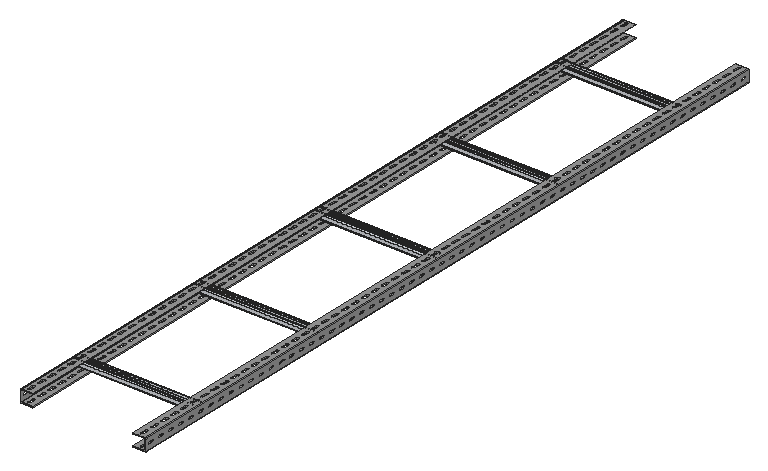
Revit family "steigeleiter__5_FT_FTSO_FTK_A2_A4.500rfa", category Generic Models, Revit 2017 (continued)
Dimensions and locks
  locked: Extrusion 312 sketch curve to Extrusion 312 sketch curve at 11
  locked: Extrusion 313 sketch curve to Extrusion 313 sketch curve at 11
  locked: Extrusion 314 sketch curve to Extrusion 314 sketch curve at 11
  locked: Extrusion 315 sketch curve to Extrusion 315 sketch curve at 11
  locked: Extrusion 316 sketch curve to Extrusion 316 sketch curve at 11
  locked: Extrusion 317 sketch curve to Extrusion 317 sketch curve at 11
  locked: Extrusion 318 sketch curve to Extrusion 318 sketch curve at 11
  locked: Extrusion 319 sketch curve to Extrusion 319 sketch curve at 11
  locked: Extrusion 320 sketch curve to Extrusion 320 sketch curve at 11
  locked: Extrusion 321 sketch curve to Extrusion 321 sketch curve at 11
  locked: Extrusion 322 sketch curve to Extrusion 322 sketch curve at 11
  locked: Extrusion 323 sketch curve to Extrusion 323 sketch curve at 11
  locked: Extrusion 324 sketch curve to Extrusion 324 sketch curve at 11
  locked: Extrusion 325 sketch curve to Extrusion 325 sketch curve at 11
  locked: Extrusion 326 sketch curve to Extrusion 326 sketch curve at 11
  locked: Extrusion 327 sketch curve to Extrusion 327 sketch curve at 11
  locked: Extrusion 328 sketch curve to Extrusion 328 sketch curve at 11
  locked: Extrusion 329 sketch curve to Extrusion 329 sketch curve at 11
  locked: Extrusion 330 sketch curve to Extrusion 330 sketch curve at 11
  locked: Extrusion 331 sketch curve to Extrusion 331 sketch curve at 11
  locked: Extrusion 332 sketch curve to Extrusion 332 sketch curve at 11
  locked: Extrusion 333 sketch curve to Extrusion 333 sketch curve at 11
  locked: Extrusion 334 sketch curve to Extrusion 334 sketch curve at 11
  locked: Extrusion 335 sketch curve to Extrusion 335 sketch curve at 11
  locked: Extrusion 336 sketch curve to Extrusion 336 sketch curve at 11
  locked: Extrusion 337 sketch curve to Extrusion 337 sketch curve at 11
  locked: Extrusion 338 sketch curve to Extrusion 338 sketch curve at 11
  locked: Extrusion 339 sketch curve to Extrusion 339 sketch curve at 11
  locked: Extrusion 340 sketch curve to Extrusion 340 sketch curve at 11
  locked: Extrusion 341 sketch curve to Extrusion 341 sketch curve at 11
  locked: Extrusion 342 sketch curve to Extrusion 342 sketch curve at 11
  locked: Extrusion 343 sketch curve to Extrusion 343 sketch curve at 11
  locked: Extrusion 344 sketch curve to Extrusion 344 sketch curve at 11
  locked: Extrusion 345 sketch curve to Extrusion 345 sketch curve at 11
  locked: Extrusion 346 sketch curve to Extrusion 346 sketch curve at 11
  locked: Extrusion 347 sketch curve to Extrusion 347 sketch curve at 11
  locked: Extrusion 348 sketch curve to Extrusion 348 sketch curve at 11
  locked: Extrusion 349 sketch curve to Extrusion 349 sketch curve at 11
  locked: Extrusion 350 sketch curve to Extrusion 350 sketch curve at 11
  locked: Extrusion 351 sketch curve to Extrusion 351 sketch curve at 11
  locked: Extrusion 352 sketch curve to Extrusion 352 sketch curve at 11
  locked: Extrusion 353 sketch curve to Extrusion 353 sketch curve at 11
  locked: Extrusion 354 sketch curve to Extrusion 354 sketch curve at 11
  locked: Extrusion 355 sketch curve to Extrusion 355 sketch curve at 11
  locked: Extrusion 356 sketch curve to Extrusion 356 sketch curve at 11
  locked: Extrusion 357 sketch curve to Extrusion 357 sketch curve at 11
  locked: Extrusion 358 sketch curve to Extrusion 358 sketch curve at 11
  locked: Extrusion 359 sketch curve to Extrusion 359 sketch curve at 11
  locked: Extrusion 360 sketch curve to Extrusion 360 sketch curve at 11
  locked: Extrusion 361 sketch curve to Extrusion 361 sketch curve at 11
  "Length 2": plane 1 "Center (Front/Back)" to plane 6
  locked: Extrusion 362 sketch curve to Extrusion 362 sketch curve at 2  (x5)
  locked: Extrusion 362 sketch curve to Extrusion 362 sketch curve at 3.5  (x2)
  locked: Extrusion 362 sketch curve to Extrusion 362 sketch curve at 18
  locked: Extrusion 363 sketch curve to Extrusion 363 sketch curve at 2  (x5)
  locked: Extrusion 363 sketch curve to Extrusion 363 sketch curve at 3.5  (x2)
  locked: Extrusion 363 sketch curve to Extrusion 363 sketch curve at 18
  equal spacing: group 361, group 362, group 363, group 364, group 365  (x3)
  locked: Extrusion 364 sketch curve to Extrusion 364 sketch curve at 2  (x5)
  locked: Extrusion 364 sketch curve to Extrusion 364 sketch curve at 3.5  (x2)
  locked: Extrusion 364 sketch curve to Extrusion 364 sketch curve at 18
  locked: Extrusion 365 sketch curve to Extrusion 365 sketch curve at 2  (x5)
  locked: Extrusion 365 sketch curve to Extrusion 365 sketch curve at 3.5  (x2)
  locked: Extrusion 365 sketch curve to Extrusion 365 sketch curve at 18
  locked: Extrusion 366 sketch curve to Extrusion 366 sketch curve at 2  (x5)
  locked: Extrusion 366 sketch curve to Extrusion 366 sketch curve at 3.5  (x2)
  locked: Extrusion 366 sketch curve to Extrusion 366 sketch curve at 18
  aligned and locked: level to plane 2
  aligned and locked: Extrusion 1 sketch curve to level
  aligned and locked: level to Extrusion 1 sketch curve
  aligned and locked: plane 5 to Extrusion 1
  aligned and locked: Extrusion 1 to level
  aligned and locked: Extrusion 1 to Extrusion 2  (x2)
  aligned and locked: Extrusion 1 to Extrusion 62  (x2)
  aligned and locked: Extrusion 122 to level
  aligned and locked: Extrusion 1 to Extrusion 122
  aligned and locked: Extrusion 182 to level
  aligned and locked: cut or joined group 1 (Extrusion 1, Extrusion 2, Extrusion 3, Extrusion 4, Extrusion 5, Extrusion 6, Extrusion 7, Extrusion 8, Extrusion 9, Extrusion 10, Extrusion 11, Extrusion 12, Extrusion 13, Extrusion 14, Extrusion 15, Extrusion 16, Extrusion 17, Extrusion 18, Extrusion 19, Extrusion 20, Extrusion 21, Extrusion 22, Extrusion 23, Extrusion 24, Extrusion 25, Extrusion 26, Extrusion 27, Extrusion 28, Extrusion 29, Extrusion 30, Extrusion 31, Extrusion 32, Extrusion 33, Extrusion 34, Extrusion 35, Extrusion 36, Extrusion 37, Extrusion 38, Extrusion 39, Extrusion 40, Extrusion 41, Extrusion 42, Extrusion 43, Extrusion 44, Extrusion 45, Extrusion 46, Extrusion 47, Extrusion 48, Extrusion 49, Extrusion 50, Extrusion 51, Extrusion 52, Extrusion 53, Extrusion 54, Extrusion 55, Extrusion 56, Extrusion 57, Extrusion 58, Extrusion 59, Extrusion 60, Extrusion 61, Extrusion 62, Extrusion 63, Extrusion 64, Extrusion 65, Extrusion 66, Extrusion 67, Extrusion 68, Extrusion 69, Extrusion 70, Extrusion 71, Extrusion 72, Extrusion 73, Extrusion 74, Extrusion 75, Extrusion 76, Extrusion 77, Extrusion 78, Extrusion 79, Extrusion 80, Extrusion 81, Extrusion 82, Extrusion 83, Extrusion 84, Extrusion 85, Extrusion 86, Extrusion 87, Extrusion 88, Extrusion 89, Extrusion 90, Extrusion 91, Extrusion 92, Extrusion 93, Extrusion 94, Extrusion 95, Extrusion 96, Extrusion 97, Extrusion 98, Extrusion 99, Extrusion 100, Extrusion 101, Extrusion 102, Extrusion 103, Extrusion 104, Extrusion 105, Extrusion 106, Extrusion 107, Extrusion 108, Extrusion 109, Extrusion 110, Extrusion 111, Extrusion 112, Extrusion 113, Extrusion 114, Extrusion 115, Extrusion 116, Extrusion 117, Extrusion 118, Extrusion 119, Extrusion 120, Extrusion 121, Extrusion 122, Extrusion 123, Extrusion 124, Extrusion 125, Extrusion 126, Extrusion 127, Extrusion 128, Extrusion 129, Extrusion 130, Extrusion 131, Extrusion 132, Extrusion 133, Extrusion 134, Extrusion 135, Extrusion 136, Extrusion 137, Extrusion 138, Extrusion 139, Extrusion 140, Extrusion 141, Extrusion 142, Extrusion 143, Extrusion 144, Extrusion 145, Extrusion 146, Extrusion 147, Extrusion 148, Extrusion 149, Extrusion 150, Extrusion 151, Extrusion 152, Extrusion 153, Extrusion 154, Extrusion 155, Extrusion 156, Extrusion 157, Extrusion 158, Extrusion 159, Extrusion 160, Extrusion 161, Extrusion 162, Extrusion 163, Extrusion 164, Extrusion 165, Extrusion 166, Extrusion 167, Extrusion 168, Extrusion 169, Extrusion 170, Extrusion 171, Extrusion 172, Extrusion 173, Extrusion 174, Extrusion 175, Extrusion 176, Extrusion 177, Extrusion 178, Extrusion 179, Extrusion 180, Extrusion 181, Extrusion 182, Extrusion 183, Extrusion 184, Extrusion 185, Extrusion 186, Extrusion 187, Extrusion 188, Extrusion 189, Extrusion 190, Extrusion 191, Extrusion 192, Extrusion 193, Extrusion 194, Extrusion 195, Extrusion 196, Extrusion 197, Extrusion 198, Extrusion 199, Extrusion 200, Extrusion 201, Extrusion 202, Extrusion 203, Extrusion 204, Extrusion 205, Extrusion 206, Extrusion 207, Extrusion 208, Extrusion 209, Extrusion 210, Extrusion 211, Extrusion 212, Extrusion 213, Extrusion 214, Extrusion 215, Extrusion 216, Extrusion 217, Extrusion 218, Extrusion 219, Extrusion 220, Extrusion 221, Extrusion 222, Extrusion 223, Extrusion 224, Extrusion 225, Extrusion 226, Extrusion 227, Extrusion 228, Extrusion 229, Extrusion 230, Extrusion 231, Extrusion 232, Extrusion 233, Extrusion 234, Extrusion 235, Extrusion 236, Extrusion 237, Extrusion 238, Extrusion 239, Extrusion 240, Extrusion 241, Extrusion 242, Extrusion 243, Extrusion 244, Extrusion 245, Extrusion 246, Extrusion 247, Extrusion 248, Extrusion 249, Extrusion 250, Extrusion 251, Extrusion 252, Extrusion 253, Extrusion 254, Extrusion 255, Extrusion 256, Extrusion 257, Extrusion 258, Extrusion 259, Extrusion 260, Extrusion 261, Extrusion 262, Extrusion 263, Extrusion 264, Extrusion 265, Extrusion 266, Extrusion 267, Extrusion 268, Extrusion 269, Extrusion 270, Extrusion 271, Extrusion 272, Extrusion 273, Extrusion 274, Extrusion 275, Extrusion 276, Extrusion 277, Extrusion 278, Extrusion 279, Extrusion 280, Extrusion 281, Extrusion 282, Extrusion 283, Extrusion 284, Extrusion 285, Extrusion 286, Extrusion 287, Extrusion 288, Extrusion 289, Extrusion 290, Extrusion 291, Extrusion 292, Extrusion 293, Extrusion 294, Extrusion 295, Extrusion 296, Extrusion 297, Extrusion 298, Extrusion 299, Extrusion 300, Extrusion 301, Extrusion 302, Extrusion 303, Extrusion 304, Extrusion 305, Extrusion 306, Extrusion 307, Extrusion 308, Extrusion 309, Extrusion 310, Extrusion 311, Extrusion 312, Extrusion 313, Extrusion 314, Extrusion 315, Extrusion 316, Extrusion 317, Extrusion 318, Extrusion 319, Extrusion 320, Extrusion 321, Extrusion 322, Extrusion 323, Extrusion 324, Extrusion 325, Extrusion 326, Extrusion 327, Extrusion 328, Extrusion 329, Extrusion 330, Extrusion 331, Extrusion 332, Extrusion 333, Extrusion 334, Extrusion 335, Extrusion 336, Extrusion 337, Extrusion 338, Extrusion 339, Extrusion 340, Extrusion 341, Extrusion 342, Extrusion 343, Extrusion 344, Extrusion 345, Extrusion 346, Extrusion 347, Extrusion 348, Extrusion 349, Extrusion 350, Extrusion 351, Extrusion 352, Extrusion 353, Extrusion 354, Extrusion 355, Extrusion 356, Extrusion 357, Extrusion 358, Extrusion 359, Extrusion 360, Extrusion 361) to cut or joined group of Extrusion 1, Extrusion 2, Extrusion 3, Extrusion 4, Extrusion 5, Extrusion 6, Extrusion 7, Extrusion 8, Extrusion 9, Extrusion 10, Extrusion 11, Extrusion 12, Extrusion 13, Extrusion 14, Extrusion 15, Extrusion 16, Extrusion 17, Extrusion 18, Extrusion 19, Extrusion 20, Extrusion 21, Extrusion 22, Extrusion 23, Extrusion 24, Extrusion 25, Extrusion 26, Extrusion 27, Extrusion 28, Extrusion 29, Extrusion 30, Extrusion 31, Extrusion 32, Extrusion 33, Extrusion 34, Extrusion 35, Extrusion 36, Extrusion 37, Extrusion 38, Extrusion 39, Extrusion 40, Extrusion 41, Extrusion 42, Extrusion 43, Extrusion 44, Extrusion 45, Extrusion 46, Extrusion 47, Extrusion 48, Extrusion 49, Extrusion 50, Extrusion 51, Extrusion 52, Extrusion 53, Extrusion 54, Extrusion 55, Extrusion 56, Extrusion 57, Extrusion 58, Extrusion 59, Extrusion 60, Extrusion 61, Extrusion 62, Extrusion 63, Extrusion 64, Extrusion 65, Extrusion 66, Extrusion 67, Extrusion 68, Extrusion 69, Extrusion 70, Extrusion 71, Extrusion 72, Extrusion 73, Extrusion 74, Extrusion 75, Extrusion 76, Extrusion 77, Extrusion 78, Extrusion 79, Extrusion 80, Extrusion 81, Extrusion 82, Extrusion 83, Extrusion 84, Extrusion 85, Extrusion 86, Extrusion 87, Extrusion 88, Extrusion 89, Extrusion 90, Extrusion 91, Extrusion 92, Extrusion 93, Extrusion 94, Extrusion 95, Extrusion 96, Extrusion 97, Extrusion 98, Extrusion 99, Extrusion 100, Extrusion 101, Extrusion 102, Extrusion 103, Extrusion 104, Extrusion 105, Extrusion 106, Extrusion 107, Extrusion 108, Extrusion 109, Extrusion 110, Extrusion 111, Extrusion 112, Extrusion 113, Extrusion 114, Extrusion 115, Extrusion 116, Extrusion 117, Extrusion 118, Extrusion 119, Extrusion 120, Extrusion 121, Extrusion 122, Extrusion 123, Extrusion 124, Extrusion 125, Extrusion 126, Extrusion 127, Extrusion 128, Extrusion 129, Extrusion 130, Extrusion 131, Extrusion 132, Extrusion 133, Extrusion 134, Extrusion 135, Extrusion 136, Extrusion 137, Extrusion 138, Extrusion 139, Extrusion 140, Extrusion 141, Extrusion 142, Extrusion 143, Extrusion 144, Extrusion 145, Extrusion 146, Extrusion 147, Extrusion 148, Extrusion 149, Extrusion 150, Extrusion 151, Extrusion 152, Extrusion 153, Extrusion 154, Extrusion 155, Extrusion 156, Extrusion 157, Extrusion 158, Extrusion 159, Extrusion 160, Extrusion 161, Extrusion 162, Extrusion 163, Extrusion 164, Extrusion 165, Extrusion 166, Extrusion 167, Extrusion 168, Extrusion 169, Extrusion 170, Extrusion 171, Extrusion 172, Extrusion 173, Extrusion 174, Extrusion 175, Extrusion 176, Extrusion 177, Extrusion 178, Extrusion 179, Extrusion 180, Extrusion 181, Extrusion 182, E
    xtrusion 183, Extrusion 184, Extrusion 185, Extrusion 186, Extrusion 187, Extrusion 188, Extrusion 189, Extrusion 190, Extrusion 191, Extrusion 192, Extrusion 193, Extrusion 194, Extrusion 195, Extrusion 196, Extrusion 197, Extrusion 198, Extrusion 199, Extrusion 200, Extrusion 201, Extrusion 202, Extrusion 203, Extrusion 204, Extrusion 205, Extrusion 206, Extrusion 207, Extrusion 208, Extrusion 209, Extrusion 210, Extrusion 211, Extrusion 212, Extrusion 213, Extrusion 214, Extrusion 215, Extrusion 216, Extrusion 217, Extrusion 218, Extrusion 219, Extrusion 220, Extrusion 221, Extrusion 222, Extrusion 223, Extrusion 224, Extrusion 225, Extrusion 226, Extrusion 227, Extrusion 228, Extrusion 229, Extrusion 230, Extrusion 231, Extrusion 232, Extrusion 233, Extrusion 234, Extrusion 235, Extrusion 236, Extrusion 237, Extrusion 238, Extrusion 239, Extrusion 240, Extrusion 241, Extrusion 242, Extrusion 243, Extrusion 244, Extrusion 245, Extrusion 246, Extrusion 247, Extrusion 248, Extrusion 249, Extrusion 250, Extrusion 251, Extrusion 252, Extrusion 253, Extrusion 254, Extrusion 255, Extrusion 256, Extrusion 257, Extrusion 258, Extrusion 259, Extrusion 260, Extrusion 261, Extrusion 262, Extrusion 263, Extrusion 264, Extrusion 265, Extrusion 266, Extrusion 267, Extrusion 268, Extrusion 269, Extrusion 270, Extrusion 271, Extrusion 272, Extrusion 273, Extrusion 274, Extrusion 275, Extrusion 276, Extrusion 277, Extrusion 278, Extrusion 279, Extrusion 280, Extrusion 281, Extrusion 282, Extrusion 283, Extrusion 284, Extrusion 285, Extrusion 286, Extrusion 287, Extrusion 288, Extrusion 289, Extrusion 290, Extrusion 291, Extrusion 292, Extrusion 293, Extrusion 294, Extrusion 295, Extrusion 296, Extrusion 297, Extrusion 298, Extrusion 299, Extrusion 300, Extrusion 301, Extrusion 302, Extrusion 303, Extrusion 304, Extrusion 305, Extrusion 306, Extrusion 307, Extrusion 308, Extrusion 309, Extrusion 310, Extrusion 311, Extrusion 312, Extrusion 313, Extrusion 314, Extrusion 315, Extrusion 316, Extrusion 317, Extrusion 318, Extrusion 319, Extrusion 320, Extrusion 321, Extrusion 322, Extrusion 323, Extrusion 324, Extrusion 325, Extrusion 326, Extrusion 327, Extrusion 328, Extrusion 329, Extrusion 330, Extrusion 331, Extrusion 332, Extrusion 333, Extrusion 334, Extrusion 335, Extrusion 336, Extrusion 337, Extrusion 338, Extrusion 339, Extrusion 340, Extrusion 341, Extrusion 342, Extrusion 343, Extrusion 344, Extrusion 345, Extrusion 346, Extrusion 347, Extrusion 348, Extrusion 349, Extrusion 350, Extrusion 351, Extrusion 352, Extrusion 353, Extrusion 354, Extrusion 355, Extrusion 356, Extrusion 357, Extrusion 358, Extrusion 359, Extrusion 360, Extrusion 361  (x5)
  aligned and locked: level to cut or joined group 1
  aligned and locked: Extrusion 1 to Extrusion 242
  aligned and locked: Extrusion 1 to Extrusion 302
  aligned and locked: Extrusion 362 to cut or joined group 1  (x2)
  aligned and locked: cut or joined group 1 to Extrusion 362
Automatic sketch dimensions
  Extrusion 1 sketch curve to Extrusion 1 sketch curve = 1.5 mm  (x3)
  Extrusion 1 sketch curve to Extrusion 1 sketch curve = 3.273 mm
  Extrusion 1 sketch curve to Extrusion 1 sketch curve = 1.011 mm
  Extrusion 1 sketch curve to Extrusion 1 sketch curve = 1.773 mm
  Extrusion 1 sketch curve to Extrusion 1 sketch curve = 0 mm  (x2)
  Extrusion 1 sketch curve to plane 3 "Center (Left/Right)" = 200 mm
  plane 3 "Center (Left/Right)" to Extrusion 1 sketch curve = 200 mm
  Extrusion 2 sketch curve to Extrusion 2 sketch curve = 19 mm
  Extrusion 3 sketch curve to Extrusion 3 sketch curve = 19 mm
  Extrusion 4 sketch curve to Extrusion 4 sketch curve = 19 mm
  Extrusion 5 sketch curve to Extrusion 5 sketch curve = 19 mm
  Extrusion 6 sketch curve to Extrusion 6 sketch curve = 19 mm
  Extrusion 7 sketch curve to Extrusion 7 sketch curve = 19 mm
  Extrusion 8 sketch curve to Extrusion 8 sketch curve = 19 mm
  Extrusion 9 sketch curve to Extrusion 9 sketch curve = 19 mm
  Extrusion 10 sketch curve to Extrusion 10 sketch curve = 19 mm
  Extrusion 11 sketch curve to Extrusion 11 sketch curve = 19 mm
  Extrusion 12 sketch curve to Extrusion 12 sketch curve = 19 mm
  Extrusion 13 sketch curve to Extrusion 13 sketch curve = 19 mm
  Extrusion 14 sketch curve to Extrusion 14 sketch curve = 19 mm
  Extrusion 15 sketch curve to Extrusion 15 sketch curve = 19 mm
  Extrusion 16 sketch curve to Extrusion 16 sketch curve = 19 mm
  Extrusion 17 sketch curve to Extrusion 17 sketch curve = 19 mm
  Extrusion 18 sketch curve to Extrusion 18 sketch curve = 19 mm
  Extrusion 19 sketch curve to Extrusion 19 sketch curve = 19 mm
  Extrusion 20 sketch curve to Extrusion 20 sketch curve = 19 mm
  Extrusion 21 sketch curve to Extrusion 21 sketch curve = 19 mm
  Extrusion 22 sketch curve to Extrusion 22 sketch curve = 19 mm
  Extrusion 23 sketch curve to Extrusion 23 sketch curve = 19 mm
  Extrusion 24 sketch curve to Extrusion 24 sketch curve = 19 mm
  Extrusion 25 sketch curve to Extrusion 25 sketch curve = 19 mm
  Extrusion 26 sketch curve to Extrusion 26 sketch curve = 19 mm
  Extrusion 27 sketch curve to Extrusion 27 sketch curve = 19 mm
  Extrusion 28 sketch curve to Extrusion 28 sketch curve = 19 mm
  Extrusion 29 sketch curve to Extrusion 29 sketch curve = 19 mm
  Extrusion 30 sketch curve to Extrusion 30 sketch curve = 19 mm
  Extrusion 31 sketch curve to Extrusion 31 sketch curve = 19 mm
  Extrusion 32 sketch curve to Extrusion 32 sketch curve = 19 mm
  Extrusion 33 sketch curve to Extrusion 33 sketch curve = 19 mm
  Extrusion 34 sketch curve to Extrusion 34 sketch curve = 19 mm
  Extrusion 35 sketch curve to Extrusion 35 sketch curve = 19 mm
  Extrusion 36 sketch curve to Extrusion 36 sketch curve = 19 mm
  Extrusion 37 sketch curve to Extrusion 37 sketch curve = 19 mm
  Extrusion 38 sketch curve to Extrusion 38 sketch curve = 19 mm
  Extrusion 39 sketch curve to Extrusion 39 sketch curve = 19 mm
  Extrusion 40 sketch curve to Extrusion 40 sketch curve = 19 mm
  Extrusion 41 sketch curve to Extrusion 41 sketch curve = 19 mm
  Extrusion 42 sketch curve to Extrusion 42 sketch curve = 19 mm
  Extrusion 43 sketch curve to Extrusion 43 sketch curve = 19 mm
  Extrusion 44 sketch curve to Extrusion 44 sketch curve = 19 mm
  Extrusion 45 sketch curve to Extrusion 45 sketch curve = 19 mm
  Extrusion 46 sketch curve to Extrusion 46 sketch curve = 19 mm
  Extrusion 47 sketch curve to Extrusion 47 sketch curve = 19 mm
  Extrusion 48 sketch curve to Extrusion 48 sketch curve = 19 mm
  Extrusion 49 sketch curve to Extrusion 49 sketch curve = 19 mm
  Extrusion 50 sketch curve to Extrusion 50 sketch curve = 19 mm
  Extrusion 51 sketch curve to Extrusion 51 sketch curve = 19 mm
  Extrusion 52 sketch curve to Extrusion 52 sketch curve = 19 mm
  Extrusion 53 sketch curve to Extrusion 53 sketch curve = 19 mm
  Extrusion 54 sketch curve to Extrusion 54 sketch curve = 19 mm
  Extrusion 55 sketch curve to Extrusion 55 sketch curve = 19 mm
  Extrusion 56 sketch curve to Extrusion 56 sketch curve = 19 mm
  Extrusion 57 sketch curve to Extrusion 57 sketch curve = 19 mm
  Extrusion 58 sketch curve to Extrusion 58 sketch curve = 19 mm
  Extrusion 59 sketch curve to Extrusion 59 sketch curve = 19 mm
  Extrusion 60 sketch curve to Extrusion 60 sketch curve = 19 mm
  Extrusion 61 sketch curve to Extrusion 61 sketch curve = 19 mm
  Extrusion 62 sketch curve to Extrusion 62 sketch curve = 19 mm
  Extrusion 63 sketch curve to Extrusion 63 sketch curve = 19 mm
  Extrusion 64 sketch curve to Extrusion 64 sketch curve = 19 mm
  Extrusion 65 sketch curve to Extrusion 65 sketch curve = 19 mm
  Extrusion 66 sketch curve to Extrusion 66 sketch curve = 19 mm
  Extrusion 67 sketch curve to Extrusion 67 sketch curve = 19 mm
  Extrusion 68 sketch curve to Extrusion 68 sketch curve = 19 mm
  Extrusion 69 sketch curve to Extrusion 69 sketch curve = 19 mm
  Extrusion 70 sketch curve to Extrusion 70 sketch curve = 19 mm
  Extrusion 71 sketch curve to Extrusion 71 sketch curve = 19 mm
  Extrusion 72 sketch curve to Extrusion 72 sketch curve = 19 mm
  Extrusion 73 sketch curve to Extrusion 73 sketch curve = 19 mm
  Extrusion 74 sketch curve to Extrusion 74 sketch curve = 19 mm
  Extrusion 75 sketch curve to Extrusion 75 sketch curve = 19 mm
  Extrusion 76 sketch curve to Extrusion 76 sketch curve = 19 mm
  Extrusion 77 sketch curve to Extrusion 77 sketch curve = 19 mm
  Extrusion 78 sketch curve to Extrusion 78 sketch curve = 19 mm
  Extrusion 79 sketch curve to Extrusion 79 sketch curve = 19 mm
  Extrusion 80 sketch curve to Extrusion 80 sketch curve = 19 mm
  Extrusion 81 sketch curve to Extrusion 81 sketch curve = 19 mm
  Extrusion 82 sketch curve to Extrusion 82 sketch curve = 19 mm
  Extrusion 83 sketch curve to Extrusion 83 sketch curve = 19 mm
  Extrusion 84 sketch curve to Extrusion 84 sketch curve = 19 mm
  Extrusion 85 sketch curve to Extrusion 85 sketch curve = 19 mm
  Extrusion 86 sketch curve to Extrusion 86 sketch curve = 19 mm
  Extrusion 87 sketch curve to Extrusion 87 sketch curve = 19 mm
  Extrusion 88 sketch curve to Extrusion 88 sketch curve = 19 mm
  Extrusion 89 sketch curve to Extrusion 89 sketch curve = 19 mm
  Extrusion 90 sketch curve to Extrusion 90 sketch curve = 19 mm
  Extrusion 91 sketch curve to Extrusion 91 sketch curve = 19 mm
  Extrusion 92 sketch curve to Extrusion 92 sketch curve = 19 mm
  Extrusion 93 sketch curve to Extrusion 93 sketch curve = 19 mm
  Extrusion 94 sketch curve to Extrusion 94 sketch curve = 19 mm
  Extrusion 95 sketch curve to Extrusion 95 sketch curve = 19 mm
  Extrusion 96 sketch curve to Extrusion 96 sketch curve = 19 mm
  Extrusion 97 sketch curve to Extrusion 97 sketch curve = 19 mm
  Extrusion 98 sketch curve to Extrusion 98 sketch curve = 19 mm
  Extrusion 99 sketch curve to Extrusion 99 sketch curve = 19 mm
  Extrusion 100 sketch curve to Extrusion 100 sketch curve = 19 mm
  Extrusion 101 sketch curve to Extrusion 101 sketch curve = 19 mm
  Extrusion 102 sketch curve to Extrusion 102 sketch curve = 19 mm
  Extrusion 103 sketch curve to Extrusion 103 sketch curve = 19 mm
  Extrusion 104 sketch curve to Extrusion 104 sketch curve = 19 mm
  Extrusion 105 sketch curve to Extrusion 105 sketch curve = 19 mm
  Extrusion 106 sketch curve to Extrusion 106 sketch curve = 19 mm
  Extrusion 107 sketch curve to Extrusion 107 sketch curve = 19 mm
  Extrusion 108 sketch curve to Extrusion 108 sketch curve = 19 mm
  Extrusion 109 sketch curve to Extrusion 109 sketch curve = 19 mm
  Extrusion 110 sketch curve to Extrusion 110 sketch curve = 19 mm
  Extrusion 111 sketch curve to Extrusion 111 sketch curve = 19 mm
  Extrusion 112 sketch curve to Extrusion 112 sketch curve = 19 mm
  Extrusion 113 sketch curve to Extrusion 113 sketch curve = 19 mm
  Extrusion 114 sketch curve to Extrusion 114 sketch curve = 19 mm
  Extrusion 115 sketch curve to Extrusion 115 sketch curve = 19 mm
  Extrusion 116 sketch curve to Extrusion 116 sketch curve = 19 mm
  Extrusion 117 sketch curve to Extrusion 117 sketch curve = 19 mm
  Extrusion 118 sketch curve to Extrusion 118 sketch curve = 19 mm
  Extrusion 119 sketch curve to Extrusion 119 sketch curve = 19 mm
  Extrusion 120 sketch curve to Extrusion 120 sketch curve = 19 mm
  Extrusion 121 sketch curve to Extrusion 121 sketch curve = 19 mm
  Extrusion 122 sketch curve to Extrusion 122 sketch curve = 19 mm
  Extrusion 123 sketch curve to Extrusion 123 sketch curve = 19 mm
  Extrusion 124 sketch curve to Extrusion 124 sketch curve = 19 mm
  Extrusion 125 sketch curve to Extrusion 125 sketch curve = 19 mm
  Extrusion 126 sketch curve to Extrusion 126 sketch curve = 19 mm
  Extrusion 127 sketch curve to Extrusion 127 sketch curve = 19 mm
  Extrusion 128 sketch curve to Extrusion 128 sketch curve = 19 mm
  Extrusion 129 sketch curve to Extrusion 129 sketch curve = 19 mm
  Extrusion 130 sketch curve to Extrusion 130 sketch curve = 19 mm
  Extrusion 131 sketch curve to Extrusion 131 sketch curve = 19 mm
  Extrusion 132 sketch curve to Extrusion 132 sketch curve = 19 mm
  Extrusion 133 sketch curve to Extrusion 133 sketch curve = 19 mm
  Extrusion 134 sketch curve to Extrusion 134 sketch curve = 19 mm
  Extrusion 135 sketch curve to Extrusion 135 sketch curve = 19 mm
  Extrusion 136 sketch curve to Extrusion 136 sketch curve = 19 mm
  Extrusion 137 sketch curve to Extrusion 137 sketch curve = 19 mm
  Extrusion 138 sketch curve to Extrusion 138 sketch curve = 19 mm
  Extrusion 139 sketch curve to Extrusion 139 sketch curve = 19 mm
  Extrusion 140 sketch curve to Extrusion 140 sketch curve = 19 mm
  Extrusion 141 sketch curve to Extrusion 141 sketch curve = 19 mm
  Extrusion 142 sketch curve to Extrusion 142 sketch curve = 19 mm
  Extrusion 143 sketch curve to Extrusion 143 sketch curve = 19 mm
  Extrusion 144 sketch curve to Extrusion 144 sketch curve = 19 mm
  Extrusion 145 sketch curve to Extrusion 145 sketch curve = 19 mm
  Extrusion 146 sketch curve to Extrusion 146 sketch curve = 19 mm
  Extrusion 147 sketch curve to Extrusion 147 sketch curve = 19 mm
  Extrusion 148 sketch curve to Extrusion 148 sketch curve = 19 mm
  Extrusion 149 sketch curve to Extrusion 149 sketch curve = 19 mm
  Extrusion 150 sketch curve to Extrusion 150 sketch curve = 19 mm
  Extrusion 151 sketch curve to Extrusion 151 sketch curve = 19 mm
  Extrusion 152 sketch curve to Extrusion 152 sketch curve = 19 mm
  Extrusion 153 sketch curve to Extrusion 153 sketch curve = 19 mm
  Extrusion 154 sketch curve to Extrusion 154 sketch curve = 19 mm
  Extrusion 155 sketch curve to Extrusion 155 sketch curve = 19 mm
  Extrusion 156 sketch curve to Extrusion 156 sketch curve = 19 mm
  Extrusion 157 sketch curve to Extrusion 157 sketch curve = 19 mm
  Extrusion 158 sketch curve to Extrusion 158 sketch curve = 19 mm
  Extrusion 159 sketch curve to Extrusion 159 sketch curve = 19 mm
  Extrusion 160 sketch curve to Extrusion 160 sketch curve = 19 mm
  Extrusion 161 sketch curve to Extrusion 161 sketch curve = 19 mm
  Extrusion 162 sketch curve to Extrusion 162 sketch curve = 19 mm
  Extrusion 163 sketch curve to Extrusion 163 sketch curve = 19 mm
  Extrusion 164 sketch curve to Extrusion 164 sketch curve = 19 mm
  Extrusion 165 sketch curve to Extrusion 165 sketch curve = 19 mm
  Extrusion 166 sketch curve to Extrusion 166 sketch curve = 19 mm
  Extrusion 167 sketch curve to Extrusion 167 sketch curve = 19 mm
  Extrusion 168 sketch curve to Extrusion 168 sketch curve = 19 mm
  Extrusion 169 sketch curve to Extrusion 169 sketch curve = 19 mm
  Extrusion 170 sketch curve to Extrusion 170 sketch curve = 19 mm
  Extrusion 171 sketch curve to Extrusion 171 sketch curve = 19 mm
  Extrusion 172 sketch curve to Extrusion 172 sketch curve = 19 mm
  Extrusion 173 sketch curve to Extrusion 173 sketch curve = 19 mm
  Extrusion 174 sketch curve to Extrusion 174 sketch curve = 19 mm
  Extrusion 175 sketch curve to Extrusion 175 sketch curve = 19 mm
  Extrusion 176 sketch curve to Extrusion 176 sketch curve = 19 mm
  Extrusion 177 sketch curve to Extrusion 177 sketch curve = 19 mm
  Extrusion 178 sketch curve to Extrusion 178 sketch curve = 19 mm
  Extrusion 179 sketch curve to Extrusion 179 sketch curve = 19 mm
  Extrusion 180 sketch curve to Extrusion 180 sketch curve = 19 mm
  Extrusion 181 sketch curve to Extrusion 181 sketch curve = 19 mm
  Extrusion 182 sketch curve to Extrusion 182 sketch curve = 19 mm
  Extrusion 183 sketch curve to Extrusion 183 sketch curve = 19 mm
  Extrusion 184 sketch curve to Extrusion 184 sketch curve = 19 mm
  Extrusion 185 sketch curve to Extrusion 185 sketch curve = 19 mm
  Extrusion 186 sketch curve to Extrusion 186 sketch curve = 19 mm
  Extrusion 187 sketch curve to Extrusion 187 sketch curve = 19 mm
  Extrusion 188 sketch curve to Extrusion 188 sketch curve = 19 mm
  Extrusion 189 sketch curve to Extrusion 189 sketch curve = 19 mm
  Extrusion 190 sketch curve to Extrusion 190 sketch curve = 19 mm
  Extrusion 191 sketch curve to Extrusion 191 sketch curve = 19 mm
  Extrusion 192 sketch curve to Extrusion 192 sketch curve = 19 mm
  Extrusion 193 sketch curve to Extrusion 193 sketch curve = 19 mm
  Extrusion 194 sketch curve to Extrusion 194 sketch curve = 19 mm
  Extrusion 195 sketch curve to Extrusion 195 sketch curve = 19 mm
  Extrusion 196 sketch curve to Extrusion 196 sketch curve = 19 mm
  Extrusion 197 sketch curve to Extrusion 197 sketch curve = 19 mm
  Extrusion 198 sketch curve to Extrusion 198 sketch curve = 19 mm
  Extrusion 199 sketch curve to Extrusion 199 sketch curve = 19 mm
  Extrusion 200 sketch curve to Extrusion 200 sketch curve = 19 mm
  Extrusion 201 sketch curve to Extrusion 201 sketch curve = 19 mm
  Extrusion 202 sketch curve to Extrusion 202 sketch curve = 19 mm
  Extrusion 203 sketch curve to Extrusion 203 sketch curve = 19 mm
  Extrusion 204 sketch curve to Extrusion 204 sketch curve = 19 mm
  Extrusion 205 sketch curve to Extrusion 205 sketch curve = 19 mm
  Extrusion 206 sketch curve to Extrusion 206 sketch curve = 19 mm
  Extrusion 207 sketch curve to Extrusion 207 sketch curve = 19 mm
  Extrusion 208 sketch curve to Extrusion 208 sketch curve = 19 mm
  Extrusion 209 sketch curve to Extrusion 209 sketch curve = 19 mm
  Extrusion 210 sketch curve to Extrusion 210 sketch curve = 19 mm
  Extrusion 211 sketch curve to Extrusion 211 sketch curve = 19 mm
  Extrusion 212 sketch curve to Extrusion 212 sketch curve = 19 mm
  Extrusion 213 sketch curve to Extrusion 213 sketch curve = 19 mm
  Extrusion 214 sketch curve to Extrusion 214 sketch curve = 19 mm
  Extrusion 215 sketch curve to Extrusion 215 sketch curve = 19 mm
  Extrusion 216 sketch curve to Extrusion 216 sketch curve = 19 mm
  Extrusion 217 sketch curve to Extrusion 217 sketch curve = 19 mm
  Extrusion 218 sketch curve to Extrusion 218 sketch curve = 19 mm
  Extrusion 219 sketch curve to Extrusion 219 sketch curve = 19 mm
  Extrusion 220 sketch curve to Extrusion 220 sketch curve = 19 mm
  Extrusion 221 sketch curve to Extrusion 221 sketch curve = 19 mm
  Extrusion 222 sketch curve to Extrusion 222 sketch curve = 19 mm
  Extrusion 223 sketch curve to Extrusion 223 sketch curve = 19 mm
  Extrusion 224 sketch curve to Extrusion 224 sketch curve = 19 mm
  Extrusion 225 sketch curve to Extrusion 225 sketch curve = 19 mm
  Extrusion 226 sketch curve to Extrusion 226 sketch curve = 19 mm
  Extrusion 227 sketch curve to Extrusion 227 sketch curve = 19 mm
  Extrusion 228 sketch curve to Extrusion 228 sketch curve = 19 mm
  Extrusion 229 sketch curve to Extrusion 229 sketch curve = 19 mm
  Extrusion 230 sketch curve to Extrusion 230 sketch curve = 19 mm
  Extrusion 231 sketch curve to Extrusion 231 sketch curve = 19 mm
  Extrusion 232 sketch curve to Extrusion 232 sketch curve = 19 mm
  Extrusion 233 sketch curve to Extrusion 233 sketch curve = 19 mm
  Extrusion 234 sketch curve to Extrusion 234 sketch curve = 19 mm
  Extrusion 235 sketch curve to Extrusion 235 sketch curve = 19 mm
  Extrusion 236 sketch curve to Extrusion 236 sketch curve = 19 mm
  Extrusion 237 sketch curve to Extrusion 237 sketch curve = 19 mm
  Extrusion 238 sketch curve to Extrusion 238 sketch curve = 19 mm
  Extrusion 239 sketch curve to Extrusion 239 sketch curve = 19 mm
  Extrusion 240 sketch curve to Extrusion 240 sketch curve = 19 mm
  Extrusion 241 sketch curve to Extrusion 241 sketch curve = 19 mm
  Extrusion 242 sketch curve to Extrusion 242 sketch curve = 19 mm
  Extrusion 243 sketch curve to Extrusion 243 sketch curve = 19 mm
  Extrusion 244 sketch curve to Extrusion 244 sketch curve = 19 mm
  Extrusion 245 sketch curve to Extrusion 245 sketch curve = 19 mm
  Extrusion 246 sketch curve to Extrusion 246 sketch curve = 19 mm
  Extrusion 247 sketch curve to Extrusion 247 sketch curve = 19 mm
  Extrusion 248 sketch curve to Extrusion 248 sketch curve = 19 mm
  Extrusion 249 sketch curve to Extrusion 249 sketch curve = 19 mm
  Extrusion 250 sketch curve to Extrusion 250 sketch curve = 19 mm
  Extrusion 251 sketch curve to Extrusion 251 sketch curve = 19 mm
  Extrusion 252 sketch curve to Extrusion 252 sketch curve = 19 mm
  Extrusion 253 sketch curve to Extrusion 253 sketch curve = 19 mm
  Extrusion 254 sketch curve to Extrusion 254 sketch curve = 19 mm
  Extrusion 255 sketch curve to Extrusion 255 sketch curve = 19 mm
  Extrusion 256 sketch curve to Extrusion 256 sketch curve = 19 mm
  Extrusion 257 sketch curve to Extrusion 257 sketch curve = 19 mm
  Extrusion 258 sketch curve to Extrusion 258 sketch curve = 19 mm
  Extrusion 259 sketch curve to Extrusion 259 sketch curve = 19 mm
  Extrusion 260 sketch curve to Extrusion 260 sketch curve = 19 mm
  Extrusion 261 sketch curve to Extrusion 261 sketch curve = 19 mm
  Extrusion 262 sketch curve to Extrusion 262 sketch curve = 19 mm
  Extrusion 263 sketch curve to Extrusion 263 sketch curve = 19 mm
  Extrusion 264 sketch curve to Extrusion 264 sketch curve = 19 mm
  Extrusion 265 sketch curve to Extrusion 265 sketch curve = 19 mm
  Extrusion 266 sketch curve to Extrusion 266 sketch curve = 19 mm
  Extrusion 267 sketch curve to Extrusion 267 sketch curve = 19 mm
  Extrusion 268 sketch curve to Extrusion 268 sketch curve = 19 mm
  Extrusion 269 sketch curve to Extrusion 269 sketch curve = 19 mm
  Extrusion 270 sketch curve to Extrusion 270 sketch curve = 19 mm
  Extrusion 271 sketch curve to Extrusion 271 sketch curve = 19 mm
  Extrusion 272 sketch curve to Extrusion 272 sketch curve = 19 mm
  Extrusion 273 sketch curve to Extrusion 273 sketch curve = 19 mm
  Extrusion 274 sketch curve to Extrusion 274 sketch curve = 19 mm
  Extrusion 275 sketch curve to Extrusion 275 sketch curve = 19 mm
  Extrusion 276 sketch curve to Extrusion 276 sketch curve = 19 mm
  Extrusion 277 sketch curve to Extrusion 277 sketch curve = 19 mm
  Extrusion 278 sketch curve to Extrusion 278 sketch curve = 19 mm
  Extrusion 279 sketch curve to Extrusion 279 sketch curve = 19 mm
  Extrusion 280 sketch curve to Extrusion 280 sketch curve = 19 mm
  Extrusion 281 sketch curve to Extrusion 281 sketch curve = 19 mm
  Extrusion 282 sketch curve to Extrusion 282 sketch curve = 19 mm
  Extrusion 283 sketch curve to Extrusion 283 sketch curve = 19 mm
  Extrusion 284 sketch curve to Extrusion 284 sketch curve = 19 mm
  Extrusion 285 sketch curve to Extrusion 285 sketch curve = 19 mm
  Extrusion 286 sketch curve to Extrusion 286 sketch curve = 19 mm
  Extrusion 287 sketch curve to Extrusion 287 sketch curve = 19 mm
  Extrusion 288 sketch curve to Extrusion 288 sketch curve = 19 mm
  Extrusion 289 sketch curve to Extrusion 289 sketch curve = 19 mm
  Extrusion 290 sketch curve to Extrusion 290 sketch curve = 19 mm
  Extrusion 291 sketch curve to Extrusion 291 sketch curve = 19 mm
  Extrusion 292 sketch curve to Extrusion 292 sketch curve = 19 mm
  Extrusion 293 sketch curve to Extrusion 293 sketch curve = 19 mm
  Extrusion 294 sketch curve to Extrusion 294 sketch curve = 19 mm
  Extrusion 295 sketch curve to Extrusion 295 sketch curve = 19 mm
  Extrusion 296 sketch curve to Extrusion 296 sketch curve = 19 mm
  Extrusion 297 sketch curve to Extrusion 297 sketch curve = 19 mm
  Extrusion 298 sketch curve to Extrusion 298 sketch curve = 19 mm
  Extrusion 299 sketch curve to Extrusion 299 sketch curve = 19 mm
  Extrusion 300 sketch curve to Extrusion 300 sketch curve = 19 mm
  Extrusion 301 sketch curve to Extrusion 301 sketch curve = 19 mm
  Extrusion 302 sketch curve to Extrusion 302 sketch curve = 19 mm
  Extrusion 303 sketch curve to Extrusion 303 sketch curve = 19 mm
  Extrusion 304 sketch curve to Extrusion 304 sketch curve = 19 mm
  Extrusion 305 sketch curve to Extrusion 305 sketch curve = 19 mm
  Extrusion 306 sketch curve to Extrusion 306 sketch curve = 19 mm
  Extrusion 307 sketch curve to Extrusion 307 sketch curve = 19 mm
  Extrusion 308 sketch curve to Extrusion 308 sketch curve = 19 mm
  Extrusion 309 sketch curve to Extrusion 309 sketch curve = 19 mm
  Extrusion 310 sketch curve to Extrusion 310 sketch curve = 19 mm
  Extrusion 311 sketch curve to Extrusion 311 sketch curve = 19 mm
  Extrusion 312 sketch curve to Extrusion 312 sketch curve = 19 mm
  Extrusion 313 sketch curve to Extrusion 313 sketch curve = 19 mm
  Extrusion 314 sketch curve to Extrusion 314 sketch curve = 19 mm
  Extrusion 315 sketch curve to Extrusion 315 sketch curve = 19 mm
  Extrusion 316 sketch curve to Extrusion 316 sketch curve = 19 mm
  Extrusion 317 sketch curve to Extrusion 317 sketch curve = 19 mm
  Extrusion 318 sketch curve to Extrusion 318 sketch curve = 19 mm
  Extrusion 319 sketch curve to Extrusion 319 sketch curve = 19 mm
  Extrusion 320 sketch curve to Extrusion 320 sketch curve = 19 mm
  Extrusion 321 sketch curve to Extrusion 321 sketch curve = 19 mm
  Extrusion 322 sketch curve to Extrusion 322 sketch curve = 19 mm
  Extrusion 323 sketch curve to Extrusion 323 sketch curve = 19 mm
  Extrusion 324 sketch curve to Extrusion 324 sketch curve = 19 mm
  Extrusion 325 sketch curve to Extrusion 325 sketch curve = 19 mm
  Extrusion 326 sketch curve to Extrusion 326 sketch curve = 19 mm
  Extrusion 327 sketch curve to Extrusion 327 sketch curve = 19 mm
  Extrusion 328 sketch curve to Extrusion 328 sketch curve = 19 mm
  Extrusion 329 sketch curve to Extrusion 329 sketch curve = 19 mm
  Extrusion 330 sketch curve to Extrusion 330 sketch curve = 19 mm
  Extrusion 331 sketch curve to Extrusion 331 sketch curve = 19 mm
  Extrusion 332 sketch curve to Extrusion 332 sketch curve = 19 mm
  Extrusion 333 sketch curve to Extrusion 333 sketch curve = 19 mm
  Extrusion 334 sketch curve to Extrusion 334 sketch curve = 19 mm
  Extrusion 335 sketch curve to Extrusion 335 sketch curve = 19 mm
  Extrusion 336 sketch curve to Extrusion 336 sketch curve = 19 mm
  Extrusion 337 sketch curve to Extrusion 337 sketch curve = 19 mm
  Extrusion 338 sketch curve to Extrusion 338 sketch curve = 19 mm
  Extrusion 339 sketch curve to Extrusion 339 sketch curve = 19 mm
  Extrusion 340 sketch curve to Extrusion 340 sketch curve = 19 mm
  Extrusion 341 sketch curve to Extrusion 341 sketch curve = 19 mm
  Extrusion 342 sketch curve to Extrusion 342 sketch curve = 19 mm
  Extrusion 343 sketch curve to Extrusion 343 sketch curve = 19 mm
  Extrusion 344 sketch curve to Extrusion 344 sketch curve = 19 mm
  Extrusion 345 sketch curve to Extrusion 345 sketch curve = 19 mm
  Extrusion 346 sketch curve to Extrusion 346 sketch curve = 19 mm
  Extrusion 347 sketch curve to Extrusion 347 sketch curve = 19 mm
  Extrusion 348 sketch curve to Extrusion 348 sketch curve = 19 mm
  Extrusion 349 sketch curve to Extrusion 349 sketch curve = 19 mm
  Extrusion 350 sketch curve to Extrusion 350 sketch curve = 19 mm
  Extrusion 351 sketch curve to Extrusion 351 sketch curve = 19 mm
  Extrusion 352 sketch curve to Extrusion 352 sketch curve = 19 mm
  Extrusion 353 sketch curve to Extrusion 353 sketch curve = 19 mm
  Extrusion 354 sketch curve to Extrusion 354 sketch curve = 19 mm
  Extrusion 355 sketch curve to Extrusion 355 sketch curve = 19 mm
  Extrusion 356 sketch curve to Extrusion 356 sketch curve = 19 mm
  Extrusion 357 sketch curve to Extrusion 357 sketch curve = 19 mm
  Extrusion 358 sketch curve to Extrusion 358 sketch curve = 19 mm
  Extrusion 359 sketch curve to Extrusion 359 sketch curve = 19 mm
  Extrusion 360 sketch curve to Extrusion 360 sketch curve = 19 mm
  Extrusion 361 sketch curve to Extrusion 361 sketch curve = 19 mm
  Extrusion 362 sketch curve to Extrusion 362 sketch curve = 2 mm  (x2)
  Extrusion 362 sketch curve to Extrusion 362 sketch curve = 1 mm  (x2)
  Extrusion 362 sketch curve to Extrusion 362 sketch curve = 1.5 mm  (x2)
  Extrusion 362 sketch curve to Extrusion 362 sketch curve = 4 mm  (x2)
  Extrusion 362 sketch curve to Extrusion 362 sketch curve = 0 mm  (x20)
  Extrusion 362 sketch curve to Extrusion 362 sketch curve = 13 mm  (x2)
  Extrusion 363 sketch curve to Extrusion 363 sketch curve = 2 mm  (x2)
  Extrusion 363 sketch curve to Extrusion 363 sketch curve = 1 mm  (x2)
  Extrusion 363 sketch curve to Extrusion 363 sketch curve = 1.5 mm  (x2)
  Extrusion 363 sketch curve to Extrusion 363 sketch curve = 4 mm  (x2)
  Extrusion 363 sketch curve to Extrusion 363 sketch curve = 0 mm  (x20)
  Extrusion 363 sketch curve to Extrusion 363 sketch curve = 13 mm  (x2)
  Extrusion 364 sketch curve to Extrusion 364 sketch curve = 2 mm  (x2)
  Extrusion 364 sketch curve to Extrusion 364 sketch curve = 1 mm  (x2)
  Extrusion 364 sketch curve to Extrusion 364 sketch curve = 1.5 mm  (x2)
  Extrusion 364 sketch curve to Extrusion 364 sketch curve = 4 mm  (x2)
  Extrusion 364 sketch curve to Extrusion 364 sketch curve = 0 mm  (x20)
  Extrusion 364 sketch curve to Extrusion 364 sketch curve = 13 mm  (x2)
  Extrusion 365 sketch curve to Extrusion 365 sketch curve = 2 mm  (x2)
  Extrusion 365 sketch curve to Extrusion 365 sketch curve = 1 mm  (x2)
  Extrusion 365 sketch curve to Extrusion 365 sketch curve = 1.5 mm  (x2)
